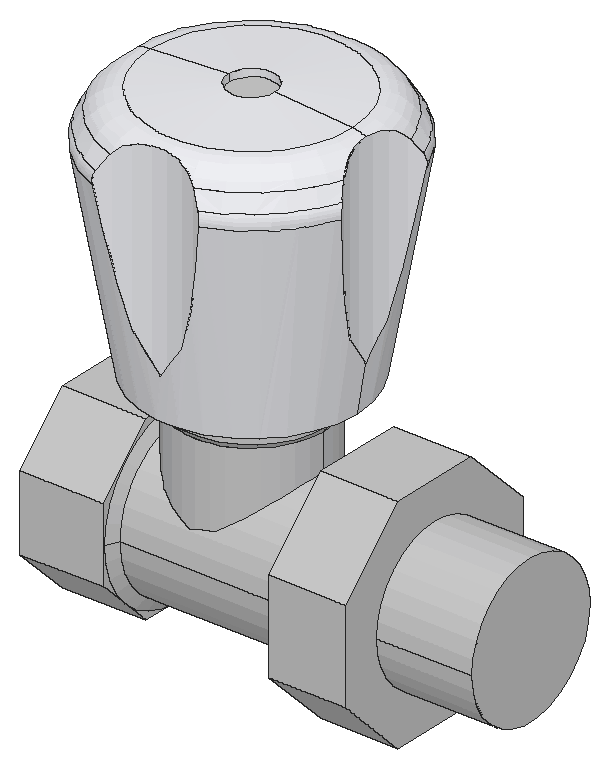
Revit family "PA_Арматура трубопроводов [клапан регулирующий прямой компактный, VT.008.LN]1 - VALTEC", category Арматура трубопроводов, Revit 2018
Family settings
  Размер круглого соединителя = Использовать диаметр
  Тип детали = Вставляется
  На основе рабочей плоскости = Нет
  Всегда вертикально = Да
  При загрузке вырезать с полостями = Нет
  Общий = Нет
Parameters (values of type "VT.008.LN")
  Таблица 2 = "PA_Арматура трубопроводов [клапан регулирующий прямой компактный, VT.008.LN] - VALTEC - Таблица 2"  # constant formula
  Таблица 1 = "PA_Арматура трубопроводов [клапан регулирующий прямой компактный, VT.008.LN] - VALTEC - Таблица 1"  # constant formula
  Материал доп.1 = Пластик белый - VALTEC
  Изготовитель = "VALTEC"  # constant formula
  d8 [instance] = size_lookup(Таблица 1, "d8", 0 mm, d)  # 24.2 mm
  d7 [instance] = size_lookup(Таблица 1, "d7", 0 mm, d)  # 22.7 mm
  d6 [instance] = size_lookup(Таблица 1, "d6", 0 mm, d)  # 21.6 mm
  c [instance] = size_lookup(Таблица 1, "c", 0 mm, d)  # 24 mm
  b4 [instance] = size_lookup(Таблица 1, "b4", 0 mm, d)  # 0.8 mm
  b3 [instance] = size_lookup(Таблица 1, "b3", 0 mm, d)  # 2.6 mm
  a6 [instance] = size_lookup(Таблица 1, "a6", 0 mm, d)  # 6 mm
  a5 [instance] = size_lookup(Таблица 1, "a5", 0 mm, d)  # 11.6 mm
  a4 [instance] = size_lookup(Таблица 1, "a4", 0 mm, d)  # 0.8 mm
  a [instance] = size_lookup(Таблица 1, "a", 0 mm, d)  # 42 mm
  D [instance] = size_lookup(Таблица 1, "D", 0 mm, d)  # 14 mm
  C [instance] = size_lookup(Таблица 1, "C", 0 mm, d)  # 21 mm
  B [instance] = size_lookup(Таблица 1, "B", 0 mm, d)  # 56 mm
  b2 [instance] = size_lookup(Таблица 1, "b2", 0 mm, d)  # 0.8 mm
  d5 [instance] = size_lookup(Таблица 1, "d5", 0 mm, d)  # 22.1 mm
  d4 [instance] = size_lookup(Таблица 1, "d4", 0 mm, d)  # 33.3 mm
  d3 [instance] = size_lookup(Таблица 1, "d3", 0 mm, d)  # 25.8 mm
  d2 [instance] = size_lookup(Таблица 1, "d2", 0 mm, d)  # 23.6 mm
  d1 [instance] = size_lookup(Таблица 1, "d1", 0 mm, d)  # 27.2 mm
  d [instance] = 15 mm
  b1 [instance] = size_lookup(Таблица 1, "b1", 0 mm, d)  # 17.2 mm
  a3 [instance] = size_lookup(Таблица 1, "a3", 0 mm, d)  # 25.6 mm
  a2 [instance] = size_lookup(Таблица 1, "a2", 0 mm, d)  # 0.9 mm
  a1 [instance] = size_lookup(Таблица 1, "a1", 0 mm, d)  # 12.6 mm
  URL = "https://valtec.ru/"
  ADSK_Расход жидкости [instance] = 0.0 L/s
  ADSK_Примечание [instance] = ""
  ADSK_Потеря давления жидкости [instance] = 0.0 Pa
  ADSK_Позиция [instance] = ""
  ADSK_Обозначение [instance] = "VT.008.LN"  # constant formula
  ADSK_Наименование [instance] = size_lookup(Таблица 1, "", "Данный типоразмер отсутствует", d)  # "Клапан регулирующий прямой компактный, 1/2\""
  ADSK_Материал = Сталь, нержавеющая - VALTEC
  ADSK_Масса [instance] = if(d = 15 mm, 0.204, if(d = 20 mm, 0.356, 0))  # 0.204
  ADSK_Марка [instance] = size_lookup(Таблица 2, "", "Данный типоразмер отсутствует", d)  # "VT.008.LN.04"
  ADSK_Код изделия [instance] = size_lookup(Таблица 2, "", "Данный типоразмер отсутствует", d)  # "VT.008.LN.04"
  ADSK_Завод-изготовитель [instance] = Изготовитель  # "VALTEC"
  ADSK_Единица измерения [instance] = "шт."  # constant formula
  ADSK_URL страницы изделия = "https://valtec.ru/catalog/radiatornaya_armatura/ruchnye_klapany_dlya_radiatorov/klapan_reguliruyushij_pryamoj_kompaktnyj_vt008ln.html"
  ADSK_URL документации изделия = "https://valtec.ru/document/technical/VT.007-008-ln-0419.pdf"
  A [instance] = size_lookup(Таблица 1, "A", 0 mm, d)  # 45 mm
Reference planes
  plane 1 "По центру (Вперед/Назад)": y = 0
  plane 2: z = 0
  plane 3 "По центру (Влево/Вправо)": x = 0
  plane 4: x = -24
  plane 5: z = -14
  plane 6: z = 56
  plane 7: x = 42
  plane 8: x = -11.4
  plane 9: x = -10.5
  plane 10: x = 15.1
  plane 11: x = 15.9
  plane 12: x = 27.5
  plane 13: x = 33.5
  plane 14: z = 17.2
  plane 15: z = 18
  plane 16: z = 20.6
  plane 17: z = 21.4
  plane 18: y = 56
Forms (mm)
  Blend 1, solid, material "Сталь, нержавеющая - VALTEC" <- "ADSK_Материал", detail levels medium+fine
    base sketch origin (0, 0, 0) x (0, 1, 0) y (0, 0, 1)
      loop
        circle (0, 0) r 13.6
    top sketch origin (0, 0, 0) x (0, 1, 0) y (0, 0, 1)
      loop
        circle (0, 0) r 11.8
    from -11.4 to -10.5
  Extrusion 2, solid, material "Сталь, нержавеющая - VALTEC" <- "ADSK_Материал", detail levels medium+fine
    sketch origin (0, 0, 0) x (0, 1, 0) y (0, 0, 1)
      loop
        circle (0, 0) r 11.8
    from -10.5 to 15.1
  Blend 3, solid, material "Сталь, нержавеющая - VALTEC" <- "ADSK_Материал", detail levels medium+fine
    base sketch origin (0, 0, 0) x (0, 1, 0) y (0, 0, 1)
      loop
        circle (0, 0) r 11.8
    top sketch origin (0, 0, 0) x (0, 1, 0) y (0, 0, 1)
      loop
        circle (0, 0) r 12.9
    from 15.1 to 15.9
  Extrusion 4, solid, material "Сталь, нержавеющая - VALTEC" <- "ADSK_Материал", detail levels medium+fine
    sketch origin (0, 0, 0) x (0, 1, 0) y (0, 0, 1)
      loop
        circle (0, 0) r 11.05
    from 27.5 to 42
  Extrusion 5, solid, material "Сталь, нержавеющая - VALTEC" <- "ADSK_Материал", detail levels medium+fine
    sketch origin (0, 0, 0) x (1, 0, 0) y (0, 1, 0)
      loop
        circle (0, 0) r 10.8
    from 0 to 17.2
  Blend 6, solid, material "Сталь, нержавеющая - VALTEC" <- "ADSK_Материал", detail levels medium+fine
    base sketch origin (0, 0, 0) x (1, 0, 0) y (0, 1, 0)
      loop
        circle (0, 0) r 10.8
    top sketch origin (0, 0, 0) x (1, 0, 0) y (0, 1, 0)
      loop
        circle (0, 0) r 11.35
    from 17.2 to 18
  Extrusion 7, solid, material "Сталь, нержавеющая - VALTEC" <- "ADSK_Материал", detail levels medium+fine
    sketch origin (0, 0, 0) x (1, 0, 0) y (0, 1, 0)
      loop
        circle (0, 0) r 11.35
    from 18 to 20.6
  Blend 8, solid, material "Сталь, нержавеющая - VALTEC" <- "ADSK_Материал", detail levels medium+fine
    base sketch origin (0, 0, 0) x (1, 0, 0) y (0, 1, 0)
      loop
        circle (0, 0) r 11.35
    top sketch origin (0, 0, 0) x (1, 0, 0) y (0, 1, 0)
      loop
        circle (0, 0) r 12.1
    from 20.6 to 21.4
Cuts and joins
  joined: Blend 1, Extrusion 2, Blend 3, Extrusion 4, Extrusion 5, Blend 6, Extrusion 7, Blend 8
Lines and regions (mm)
  reference lines
    curve 1: line (-24, 0, 0) -> (33.5, 0, 0)
  symbolic lines, detail levels coarse
    curve 2: line (-24, 0, -15) -> (-24, 0, 15)
    curve 3: line (33.5, 0, -15) -> (33.5, 0, 15)
    curve 4: line (33.5, 0, -15) -> (-24, 0, 15)
    curve 5: line (33.5, 0, 15) -> (-24, 0, -15)
    curve 6: line (4.75, 0, 0) -> (4.75, 0, 56)
    curve 7: line (4.75, 0, 0) -> (-5.25, 0, 17.321)
    curve 8: line (4.75, 0, 0) -> (14.75, 0, 17.321)
  model lines, detail levels coarse
    curve 9: line (33.5, -15, 0) -> (33.5, 15, 0)
    curve 10: line (-24, -15, 0) -> (-24, 15, 0)
    curve 11: line (-24, 15, 0) -> (33.5, -15, 0)
    curve 12: line (33.5, 15, 0) -> (-24, -15, 0)
    curve 13: line (4.75, 0, 0) -> (4.75, 56, 0)
    curve 14: line (4.75, 0, 0) -> (-5.25, 17.321, 0)
    curve 15: line (4.75, 0, 0) -> (14.75, 17.321, 0)
Dimensions and locks
  "c": plane 3 "По центру (Влево/Вправо)" to plane 4
  "D": plane 2 to plane 5
  "B": plane 6 to plane 2
  "a": plane 7 to plane 3 "По центру (Влево/Вправо)"
  "a1": plane 8 to plane 4
  "a2": plane 9 to plane 8
  "a3": plane 10 to plane 9
  "a4": plane 11 to plane 10
  "a5": plane 12 to plane 11
  "a6": plane 13 to plane 12
  "b2": plane 15 to plane 14
  "b3": plane 16 to plane 15
  "b4": plane 17 to plane 16
  "b1": plane 14 to plane 2
  curve 2 to level to curve 2 = 15 mm locked, 15 mm locked
  curve 3 to level to curve 3 = 15 mm locked, 15 mm locked
  curve 10 to plane 1 "По центру (Вперед/Назад)" to curve 10 = 15 mm locked, 15 mm locked
  curve 9 to plane 1 "По центру (Вперед/Назад)" to curve 9 = 15 mm locked, 15 mm locked
  "B": plane 1 "По центру (Вперед/Назад)" to plane 18
  equal spacing: plane 4, curve 13, plane 13
  equal spacing: plane 13, curve 6, plane 4
  "d1": diameter of Blend 1 sketch curve
  "d2": diameter of Blend 1 sketch curve
  "d2": diameter of Extrusion 2 sketch curve
  "d2": diameter of Blend 3 sketch curve
  "d3": diameter of Blend 3 sketch curve
  "d5": diameter of Extrusion 4 sketch curve
  "d6": diameter of Extrusion 5 sketch curve
  "d6": diameter of Blend 6 sketch curve
  "d7": diameter of Blend 6 sketch curve
  "d7": diameter of Extrusion 7 sketch curve
  "d7": diameter of Blend 8 sketch curve
  "d8": diameter of Blend 8 sketch curve
  locked: curve 13 to curve 14 (angle 30.00°)
  locked: curve 15 to curve 13 (angle 30.00°)
  locked: curve 6 to curve 7 (angle 30.00°)
  locked: curve 8 to curve 6 (angle 30.00°)
  aligned and locked: level to plane 2
  aligned and locked: level to Blend 1 sketch curve  (x2)
  aligned and locked: plane 1 "По центру (Вперед/Назад)" to Blend 1 sketch curve  (x2)
  aligned and locked: plane 1 "По центру (Вперед/Назад)" to Extrusion 2 sketch curve
  aligned and locked: level to Extrusion 2 sketch curve
  aligned and locked: level to Blend 3 sketch curve  (x2)
  aligned and locked: plane 1 "По центру (Вперед/Назад)" to Blend 3 sketch curve  (x2)
  aligned and locked: Blend 1 to plane 8
  aligned and locked: plane 9 to Blend 1
  aligned and locked: Extrusion 2 to plane 9
  aligned and locked: plane 10 to Extrusion 2
  aligned and locked: Blend 3 to plane 10
  aligned and locked: plane 11 to Blend 3
  aligned and locked: level to Extrusion 4 sketch curve
  aligned and locked: plane 1 "По центру (Вперед/Назад)" to Extrusion 4 sketch curve
  aligned and locked: Extrusion 4 to plane 12
  aligned and locked: Extrusion 4 to plane 7
  aligned and locked: plane 13 to curve 1
  aligned and locked: plane 4 to curve 1
  aligned and locked: curve 1 to level
  aligned and locked: plane 3 "По центру (Влево/Вправо)" to Extrusion 5 sketch curve
  aligned and locked: plane 1 "По центру (Вперед/Назад)" to Extrusion 5 sketch curve
  aligned and locked: plane 1 "По центру (Вперед/Назад)" to Blend 6 sketch curve  (x2)
  aligned and locked: plane 3 "По центру (Влево/Вправо)" to Blend 6 sketch curve  (x2)
  aligned and locked: plane 3 "По центру (Влево/Вправо)" to Extrusion 7 sketch curve
  aligned and locked: plane 1 "По центру (Вперед/Назад)" to Extrusion 7 sketch curve
  aligned and locked: plane 3 "По центру (Влево/Вправо)" to Blend 8 sketch curve  (x2)
  aligned and locked: plane 1 "По центру (Вперед/Назад)" to Blend 8 sketch curve  (x2)
  aligned and locked: Extrusion 5 to level
  aligned and locked: plane 14 to Extrusion 5
  aligned and locked: Blend 6 to plane 14
  aligned and locked: plane 15 to Blend 6
  aligned and locked: Extrusion 7 to plane 15
  aligned and locked: plane 16 to Extrusion 7
  aligned and locked: Blend 8 to plane 16
  aligned and locked: plane 17 to Blend 8
  aligned and locked: nested 3 to plane 1 "По центру (Вперед/Назад)"
  aligned and locked: plane 3 "По центру (Влево/Вправо)" to nested 3
  aligned and locked: plane 17 to nested 3
  aligned and locked: plane 4 to curve 2
  aligned and locked: plane 13 to curve 3
  aligned and locked: plane 6 to curve 6
  aligned and locked: plane 13 to curve 9
  aligned and locked: plane 4 to curve 10
  aligned and locked: plane 18 to curve 13
  aligned and locked: level to nested 1
  aligned and locked: plane 1 "По центру (Вперед/Назад)" to nested 1
  aligned and locked: level to nested 2
  aligned and locked: plane 1 "По центру (Вперед/Назад)" to nested 2
  aligned and locked: nested 1 to plane 4
  aligned and locked: nested 2 to plane 11
Automatic sketch dimensions
  curve 8 to level = 0 mm
  curve 7 to level = 0 mm
  plane 1 "По центру (Вперед/Назад)" to curve 14 = 0 mm
  plane 1 "По центру (Вперед/Назад)" to curve 15 = 0 mm
Nested families
  nested 1: "Гайка - горизонталь" at (-17.7, 0, 0) x (1, 0, 0) z (0, -0.3827, 0.9239), ADSK_Материал <- "ADSK_Материал", d <- "d1", l <- "a1", type "Гайка - горизонталь", detail levels medium+fine
    with l 12.6 mm, d 27.2 mm, ADSK_Материал Сталь, нержавеющая - VALTEC
  nested 2: "Гайка - горизонталь" at (21.7, 0, 0) x (1, 0, 0) z (0, -0.3827, 0.9239), ADSK_Материал <- "ADSK_Материал", l <- "a5", d <- "d4", type "Гайка - горизонталь", detail levels medium+fine
    with l 11.6 mm, d 33.3 mm, ADSK_Материал Сталь, нержавеющая - VALTEC
  nested 3: "MM_Обобщенные модели [колпачок, VT.004.N] - VALTEC" at (0, 0, 21.4), type "VT.TE3042.0", detail levels medium+fine
Connectors
  piping at (-24, 0, 0), diameter 15, driven by "d", driven by "ADSK_Расход жидкости", driven by "ADSK_Потеря давления жидкости"
    settings: on curve 1, index 1, connector inside diameter 609.6 mm, connector length 0 mm, flow factor 0, pipe flow 0.0 L/s, pressure drop 0.0 Pa, fitting loss kfactor 0, connector angle 0.00°, fixture units 0, engagement length 0 mm, angle of deflection 0.00°, flow configuration 0, flow direction 0, fitting loss method 4, system type 29, joint type 0, gender type 0, connector reference index 2, connector utility 0, adjustable connector no, is connector primary yes, connector description ""
  piping at (33.5, 0, 0), diameter 15, driven by "d", driven by "ADSK_Расход жидкости"
    settings: on curve 1, index 2, connector inside diameter 609.6 mm, connector length 0 mm, flow factor 0, pipe flow 0.0 L/s, pressure drop 0.0 Pa, fitting loss kfactor 0, connector angle 0.00°, fixture units 0, engagement length 0 mm, angle of deflection 0.00°, flow configuration 0, flow direction 0, fitting loss method 0, system type 29, joint type 0, gender type 0, connector reference index 1, connector utility 0, adjustable connector no, is connector primary no, connector description ""
Definition of nested family "Гайка - горизонталь"
  Parameters (values of type "Гайка - горизонталь")
    d [instance] = 588.881 mm
    l [instance] = 637.4 mm
    ADSK_Материал [instance] = none
  Reference planes
    plane 1 "По центру (Вперед/Назад)": y = 0
    plane 2: z = 0
    plane 3 "По центру (Влево/Вправо)": x = 0
    plane 4: y = 318.7
    plane 5: y = -318.7
    plane 6: through (0, -912.519, 2972.425) normal (0, -0.9239, -0.3827)
    plane 7: through (0, -1234.338, 2979.956) normal (0, -0.9239, -0.3827)
    plane 8: through (0, -1556.157, 2987.486) normal (0, -0.9239, -0.3827)
    plane 9: through (0, 1234.338, 2979.956) normal (0, -0.9239, 0.3827)
    plane 10: through (0, -2420.114, 1321.144) normal (0, -0.3827, -0.9239)
    plane 11: through (0, -2532.792, 1049.117) normal (0, -0.3827, -0.9239)
    plane 12: through (0, -2645.469, 777.089) normal (0, -0.3827, -0.9239)
    plane 13: through (0, 2420.114, 1321.144) normal (0, -0.3827, 0.9239)
    plane 14: through (0, 2532.792, 1049.117) normal (0, -0.3827, 0.9239)
    plane 15: through (0, 2645.469, 777.089) normal (0, -0.3827, 0.9239)
    plane 16: through (0, 912.519, 2972.425) normal (0, -0.9239, 0.3827)
    plane 17: through (0, 1234.338, 2979.956) normal (0, -0.9239, 0.3827)
    plane 18: through (0, 1556.157, 2987.486) normal (0, -0.9239, 0.3827)
    plane 19: x = 318.7
    plane 20: x = -318.7
  Forms (mm)
    Extrusion 1, solid, material <- "ADSK_Материал"
      sketch origin (0, 0, 0) x (0, 1, 0) y (0, 0, 1)
        loop
          line (0, 318.7) -> (-225.355, 225.355) -> (-318.7, 0) -> (-225.355, -225.355) -> (0, -318.7) -> (225.355, -225.355) -> (318.7, 0) -> (225.355, 225.355) -> (0, 318.7)
      from -318.7 to 318.7
  Lines and regions (mm)
    reference lines
      curve 1: line (0, -112.677, -272.027) -> (0, 112.677, 272.027)
      curve 2: line (0, -272.027, 112.677) -> (0, 272.027, -112.677)
  Dimensions and locks
    equal spacing: plane 4, plane 1 "По центру (Вперед/Назад)", plane 5
    locked: plane 4 to plane 5 at 637.4
    equal spacing: plane 8, plane 7, plane 6
    "d": plane 8 to plane 6
    equal spacing: plane 12, plane 11, plane 10
    "d": plane 12 to plane 10
    equal spacing: plane 15, plane 14, plane 13
    "d": plane 15 to plane 13
    equal spacing: plane 18, plane 17, plane 16
    "d": plane 18 to plane 16
    equal spacing: plane 20, plane 3 "По центру (Влево/Вправо)", plane 19
    "l": plane 20 to plane 19
    aligned and locked: level to plane 2
    aligned and locked: plane 10 to Extrusion 1 sketch curve
    aligned and locked: plane 13 to Extrusion 1 sketch curve
    aligned and locked: plane 16 to Extrusion 1 sketch curve
    aligned and locked: Extrusion 1 sketch curve to plane 8
    aligned and locked: Extrusion 1 sketch curve to plane 12
    aligned and locked: Extrusion 1 sketch curve to plane 15
    aligned and locked: Extrusion 1 sketch curve to plane 18
    aligned and locked: plane 6 to Extrusion 1 sketch curve
    aligned and locked: plane 19 to Extrusion 1
    aligned and locked: plane 20 to Extrusion 1
    aligned and locked: Extrusion 1 to plane 19
    aligned and locked: plane 16 to curve 2
    aligned and locked: plane 18 to curve 2
    aligned and locked: curve 2 to plane 11
    aligned and locked: plane 12 to curve 1
    aligned and locked: plane 10 to curve 1
    aligned and locked: curve 1 to plane 17
Definition of nested family "MM_Обобщенные модели [колпачок, VT.004.N] - VALTEC"
  Parameters (values of type "VT.TE3042.0")
    Материал доп.1 = none
    Manufacturer = ""
    URL = ""
    ADSK_Материал = none
  Reference planes
    plane 1 "По центру (Вперед/Назад)": y = 0
    plane 2: z = 0
    plane 3 "По центру (Влево/Вправо)": x = 0
    plane 4: z = 39.2
    plane 5: y = 5.5
    plane 6: y = -5.5
    plane 7: x = -24.5
    plane 8: z = 32.2
    plane 9: x = 18.75
    plane 10: x = 24.5
    plane 11: x = -18.75
  Forms (mm)
    Revolve 1, solid, material <- "ADSK_Материал"
      sketch origin (0, 0, 0) x (1, 0, 0) y (0, 0, 1)
        loop
          line (-15.966, 0) -> (0, 0) -> (0, 39.2) -> (-15.187, 38.258)
          arc (-15.187, 38.258) -> (-17.897, 37.417) -> (-19.878, 35.383) r 5.765
          line (-19.878, 35.383) -> (-21.168, 33.149)
          arc (-21.168, 33.149) -> (-21.525, 32.167) -> (-21.523, 31.121) r 3
          line (-21.523, 31.121) -> (-15.966, 0)
        axis (0, 39.2) -> (0, 0)
      angle from 0 to 360
    Extrusion 2, void
      sketch origin (0, -2.442, 0) x (1, 0, 0) y (0, 1, 0)
        loop
          circle (0, -27.826) r 13.056
      from 0 to 41.042
    Extrusion 3, void
      sketch origin (-2.466, 0, 0) x (0, -1, 0) y (1, 0, 0)
        loop
          circle (0, -27.826) r 13.056
      from 0 to 41.042
    Extrusion 4, void
      sketch origin (0, 2.466, 0) x (-1, 0, 0) y (0, -1, 0)
        loop
          circle (0, -27.826) r 13.056
      from 0 to 41.042
    Extrusion 5, void
      sketch origin (2.466, 0, 0) x (0, 1, 0) y (-1, 0, 0)
        loop
          circle (0, -27.826) r 13.056
      from 0 to 41.042
    Extrusion 6, void
      sketch origin (0, 0, 0) x (1, 0, 0) y (0, 1, 0)
        loop
          circle (0, 0) r 3.5
      from 36.308 to 47.554
    Extrusion 7, solid, material <- "Материал доп.1"
      sketch origin (0, 0, 0) x (1, 0, 0) y (0, 1, 0)
        loop
          circle (0, 0) r 3.3
      from 36.308 to 37.996
  Cuts and joins
    Extrusion 2, Extrusion 3, Extrusion 4, Extrusion 5, Extrusion 6 cuts Revolve 1
  Lines and regions (mm)
    reference lines
      curve 1: line (0, 0, 0) -> (0, 0, 25)
      curve 2: line (0, -12.5, 0) -> (0, 12.5, 0)
      curve 3: line (12.5, 0, 0) -> (-12.5, 0, 0)
  Dimensions and locks
    plane 6 to plane 1 "По центру (Вперед/Назад)" to plane 5 = 5.5 mm locked, 5.5 mm locked
    locked: plane 3 "По центру (Влево/Вправо)" to plane 7 at 24.5
    locked: plane 9 to plane 3 "По центру (Влево/Вправо)" at 18.75
    locked: plane 4 to plane 2 at 39.2
    locked: plane 4 to plane 8 at 7
    locked: plane 3 "По центру (Влево/Вправо)" to plane 10 at 24.5
    locked: plane 11 to plane 3 "По центру (Влево/Вправо)" at 18.75
    aligned and locked: level to plane 2
    aligned and locked: level to Revolve 1 sketch curve
    aligned and locked: plane 4 to Revolve 1 sketch curve
    aligned and locked: Revolve 1 sketch curve to plane 3 "По центру (Влево/Вправо)"  (x2)
